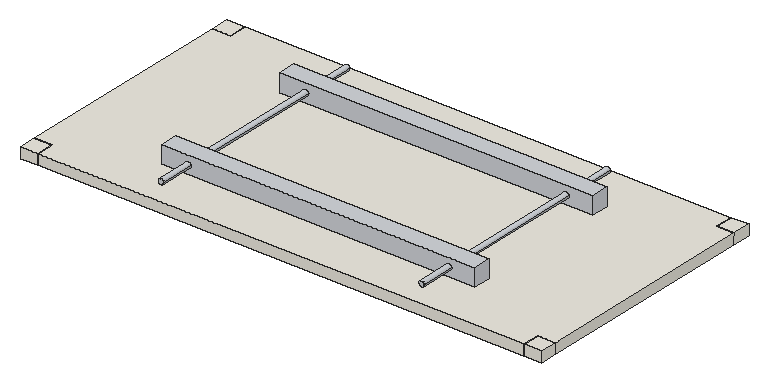
Revit family "LED-PL-CSVT", category Осветительные приборы, Revit 2019
Family settings
  Размер круглого соединителя = Использовать диаметр
  Тип детали = Нормальный
  На основе рабочей плоскости = Нет
  Всегда вертикально = Нет
  При загрузке вырезать с полостями = Нет
  Источник света = Да
  Общий = Нет
  Точка расчета площади = Да
Parameters (values of type "LED PL-CSVT-18 295x595 х10 (KROKUS) (IP54/IP20, 4000K, белый)")
  built-in parameter 1150104 = 13.8 (stored number, unit not read)
  built-in parameter 1150134 = 12
  Файл фотометрической сетки = "Светильник LED-PL-CSVT-18-(295х595).IES"
  Tilt Angle = 90.00°
  built-in parameter 1150137 = (empty or 0)
  built-in parameter 1150132 = 2
  built-in parameter 1150114 = 1 (stored number, unit not read)
  Dimming Lamp Color Temperature Shift = (empty or 0)
  built-in parameter 1150105 = 135.28 (stored number, unit not read)
  Color Filter = 16777215
  Lumens = 1700 lm
  built-in parameter 1150109 = 1 (stored number, unit not read)
  built-in parameter 1150112 = 1 (stored number, unit not read)
  built-in parameter 1150110 = 1 (stored number, unit not read)
  built-in parameter 1150113 = 1 (stored number, unit not read)
  built-in parameter 1150115 = 1 (stored number, unit not read)
  built-in parameter 1114218 = 1 (stored number, unit not read)
  built-in parameter 1114217 = 1 (stored number, unit not read)
  built-in parameter 1150106 = 1.3528 (stored number, unit not read)
  built-in parameter 1150142 = "IESNA:LM-63-95\r\n[TEST] Протокол №86\r\n[DATA] 02.08.2016\r\n[MORE] \r\n[MANUFAC] ЗАО \"Центрстройсвет\"\r\n[LUMCAT]  Светильник LED-PL-CSVT-18-(295х595)\r\n[LUMINAIRE]\r\n[LAMPCAT] Светодиоды\r\n[LAMP] Поток источника света (светодиодов) не известен\r\n[MORE] КСС приведена в абсолютных величинах кд\r\n[MORE] Вместо потока лампы, указан поток светильника.\r\nTILT=NONE\r\n1    1680 1.0 37 73 1 2 0.295 0.595 0.010\r\n1.0 1.0 19.8\r\n0.0 5.0 10.0 15.0 20.0 25.0 30.0 35.0 40.0 45.0 50.0 55.0 60.0 65.0 70.0 75.0 80.0 85.0 90.0 95.0 100.0 105.0 110.0 115.0 120.0 125.0 130.0 135.0 140.0 145.0 150.0 155.0 160.0 165.0 170.0 175.0 180.0\r\n0.0 5.0 10.0 15.0 20.0 25.0 30.0 35.0 40.0 45.0 50.0 55.0 60.0 65.0 70.0 75.0 80.0 85.0 90.0 95.0 100.0 105.0 110.0 115.0 120.0 125.0 130.0 135.0 140.0 145.0 150.0 155.0 160.0 165.0 170.0 175.0 180.0 185.0 190.0 195.0 200.0 205.0 210.0 215.0 220.0 225.0 230.0 235.0 240.0 245.0 250.0 255.0 260.0 265.0 270.0 275.0 280.0 285.0 290.0 295.0 300.0 305.0 310.0 315.0 320.0 325.0 330.0 335.0 340.0 345.0 350.0 355.0 360.0\r\n598.8 594.8 584.5 569.0 548.6 523.0 492.1 458.6 424.1 383.3 341.3 298.3 252.3 205.5 159.3 113.1 70.5 33.1 4.6 0.0 0.0 0.0 0.0 0.0 0.0 0.0 0.0 0.0 0.0 0.0 0.0 0.0 0.0 0.0 0.0 0.0 0.0\r\n598.8 595.2 585.3 570.2 548.3 522.0 493.5 460.0 422.7 383.1 340.5 297.3 252.1 205.3 159.2 113.7 70.7 33.1 4.6 0.0 0.0 0.0 0.0 0.0 0.0 0.0 0.0 0.0 0.0 0.0 0.0 0.0 0.0 0.0 0.0 0.0 0.0\r\n598.8 595.5 584.8 569.2 548.6 523.2 493.6 459.3 423.0 382.6 341.8 298.9 252.3 205.8 159.3 113.8 71.0 33.3 4.5 0.0 0.0 0.0 0.0 0.0 0.0 0.0 0.0 0.0 0.0 0.0 0.0 0.0 0.0 0.0 0.0 0.0 0.0\r\n598.8 595.6 584.7 568.8 548.2 523.1 493.1 461.1 423.7 384.9 341.8 298.9 252.5 205.6 159.0 113.5 71.0 32.9 4.4 0.0 0.0 0.0 0.0 0.0 0.0 0.0 0.0 0.0 0.0 0.0 0.0 0.0 0.0 0.0 0.0 0.0 0.0\r\n598.8 595.4 584.7 569.0 547.9 522.2 493.8 461.5 424.3 385.5 342.4 298.9 252.8 205.9 158.7 113.0 70.5 32.7 4.1 0.0 0.0 0.0 0.0 0.0 0.0 0.0 0.0 0.0 0.0 0.0 0.0 0.0 0.0 0.0 0.0 0.0 0.0\r\n598.8 595.2 584.5 568.6 549.0 523.6 495.8 460.9 424.8 384.8 342.5 297.6 252.5 205.0 158.6 113.3 70.2 32.4 3.9 0.0 0.0 0.0 0.0 0.0 0.0 0.0 0.0 0.0 0.0 0.0 0.0 0.0 0.0 0.0 0.0 0.0 0.0\r\n598.8 595.0 585.1 569.9 548.6 526.0 494.9 460.6 423.7 385.8 343.0 298.0 251.9 205.2 158.1 113.1 70.2 32.1 3.9 0.0 0.0 0.0 0.0 0.0 0.0 0.0 0.0 0.0 0.0 0.0 0.0 0.0 0.0 0.0 0.0 0.0 0.0\r\n598.8 595.0 584.7 571.5 550.3 524.1 494.6 460.8 423.4 384.6 342.7 298.0 252.0 204.7 158.1 112.5 70.0 31.9 3.7 0.0 0.0 0.0 0.0 0.0 0.0 0.0 0.0 0.0 0.0 0.0 0.0 0.0 0.0 0.0 0.0 0.0 0.0\r\n598.8 594.9 584.7 569.9 550.4 525.0 494.7 460.9 425.3 385.8 342.2 297.9 251.7 204.8 158.3 112.5 69.7 31.8 3.5 0.0 0.0 0.0 0.0 0.0 0.0 0.0 0.0 0.0 0.0 0.0 0.0 0.0 0.0 0.0 0.0 0.0 0.0\r\n598.8 594.9 584.7 569.7 550.4 524.8 494.7 460.9 425.3 384.1 343.5 297.1 251.5 204.4 157.6 112.6 70.0 31.2 3.3 0.0 0.0 0.0 0.0 0.0 0.0 0.0 0.0 0.0 0.0 0.0 0.0 0.0 0.0 0.0 0.0 0.0 0.0\r\n598.8 594.9 585.4 570.9 550.9 525.2 495.9 461.4 423.6 385.1 342.8 297.8 251.4 204.2 157.9 112.1 69.6 31.2 3.0 0.0 0.0 0.0 0.0 0.0 0.0 0.0 0.0 0.0 0.0 0.0 0.0 0.0 0.0 0.0 0.0 0.0 0.0\r\n598.8 595.0 585.5 571.2 551.5 524.9 494.7 461.2 424.8 384.2 342.4 297.7 251.7 204.1 157.1 112.5 69.6 30.9 2.9 0.0 0.0 0.0 0.0 0.0 0.0 0.0 0.0 0.0 0.0 0.0 0.0 0.0 0.0 0.0 0.0 0.0 0.0\r\n598.8 594.9 585.2 571.3 550.4 525.5 497.2 462.9 426.0 385.0 342.2 296.8 252.2 205.5 157.2 111.9 69.7 30.7 2.8 0.0 0.0 0.0 0.0 0.0 0.0 0.0 0.0 0.0 0.0 0.0 0.0 0.0 0.0 0.0 0.0 0.0 0.0\r\n598.8 594.9 585.2 571.8 551.1 525.0 496.2 462.5 424.8 386.6 343.1 298.4 251.6 205.2 157.6 111.8 69.7 30.3 2.7 0.0 0.0 0.0 0.0 0.0 0.0 0.0 0.0 0.0 0.0 0.0 0.0 0.0 0.0 0.0 0.0 0.0 0.0\r\n598.8 595.2 585.8 572.4 551.2 527.1 496.5 462.5 425.3 385.1 342.8 298.0 252.3 204.8 157.7 111.7 69.5 30.0 2.7 0.0 0.0 0.0 0.0 0.0 0.0 0.0 0.0 0.0 0.0 0.0 0.0 0.0 0.0 0.0 0.0 0.0 0.0\r\n598.8 595.6 587.0 572.4 551.5 525.2 496.2 463.1 426.4 385.3 342.9 297.7 251.8 205.1 157.7 111.8 69.2 30.0 2.3 0.0 0.0 0.0 0.0 0.0 0.0 0.0 0.0 0.0 0.0 0.0 0.0 0.0 0.0 0.0 0.0 0.0 0.0\r\n598.8 595.8 587.6 573.6 551.1 526.4 496.9 462.5 425.3 386.9 343.8 298.1 251.4 205.5 157.5 111.9 68.9 29.9 1.8 0.0 0.0 0.0 0.0 0.0 0.0 0.0 0.0 0.0 0.0 0.0 0.0 0.0 0.0 0.0 0.0 0.0 0.0\r\n598.8 596.0 587.2 573.2 552.0 526.6 496.8 463.3 425.6 386.0 343.7 298.4 251.6 205.1 157.0 111.4 68.9 29.6 1.7 0.0 0.0 0.0 0.0 0.0 0.0 0.0 0.0 0.0 0.0 0.0 0.0 0.0 0.0 0.0 0.0 0.0 0.0\r\n598.8 596.1 587.5 572.5 552.9 527.1 497.6 464.5 426.8 385.4 344.8 298.9 252.3 206.0 157.1 111.0 68.8 29.2 1.7 0.0 0.0 0.0 0.0 0.0 0.0 0.0 0.0 0.0 0.0 0.0 0.0 0.0 0.0 0.0 0.0 0.0 0.0\r\n598.8 596.3 587.8 572.7 552.3 528.3 496.9 464.4 427.2 385.9 344.4 298.2 251.7 204.9 156.6 111.0 68.1 28.9 1.2 0.0 0.0 0.0 0.0 0.0 0.0 0.0 0.0 0.0 0.0 0.0 0.0 0.0 0.0 0.0 0.0 0.0 0.0\r\n598.8 596.4 589.0 573.0 553.9 527.4 497.4 463.9 425.4 386.5 344.2 298.1 251.7 204.4 156.3 110.6 67.7 28.3 1.2 0.0 0.0 0.0 0.0 0.0 0.0 0.0 0.0 0.0 0.0 0.0 0.0 0.0 0.0 0.0 0.0 0.0 0.0\r\n598.8 596.4 589.4 572.9 552.6 527.7 498.1 464.4 427.5 387.5 343.1 297.8 251.6 204.6 156.2 109.9 67.1 27.6 1.4 0.0 0.0 0.0 0.0 0.0 0.0 0.0 0.0 0.0 0.0 0.0 0.0 0.0 0.0 0.0 0.0 0.0 0.0\r\n598.8 596.6 589.1 573.6 553.5 528.2 499.1 463.7 427.4 387.7 344.1 298.2 251.7 204.1 155.7 109.4 66.7 27.2 1.2 0.0 0.0 0.0 0.0 0.0 0.0 0.0 0.0 0.0 0.0 0.0 0.0 0.0 0.0 0.0 0.0 0.0 0.0\r\n598.8 596.8 589.8 574.5 554.4 529.0 498.3 466.1 428.9 388.7 345.0 299.7 252.1 204.0 155.4 109.4 66.1 26.8 1.0 0.0 0.0 0.0 0.0 0.0 0.0 0.0 0.0 0.0 0.0 0.0 0.0 0.0 0.0 0.0 0.0 0.0 0.0\r\n598.8 597.3 590.2 574.2 553.1 530.5 500.5 466.1 426.7 387.9 344.5 299.0 251.1 203.8 155.6 108.5 65.4 26.2 1.0 0.0 0.0 0.0 0.0 0.0 0.0 0.0 0.0 0.0 0.0 0.0 0.0 0.0 0.0 0.0 0.0 0.0 0.0\r\n598.8 597.7 590.8 576.5 554.7 529.6 500.8 466.6 428.7 387.7 346.2 298.8 251.4 203.4 154.5 108.2 65.2 26.0 0.9 0.0 0.0 0.0 0.0 0.0 0.0 0.0 0.0 0.0 0.0 0.0 0.0 0.0 0.0 0.0 0.0 0.0 0.0\r\n598.8 598.1 591.8 576.6 555.8 530.8 500.5 468.0 430.6 388.6 345.1 298.6 251.7 203.3 154.6 108.0 64.5 25.9 0.6 0.0 0.0 0.0 0.0 0.0 0.0 0.0 0.0 0.0 0.0 0.0 0.0 0.0 0.0 0.0 0.0 0.0 0.0\r\n598.8 598.3 592.5 576.5 556.1 531.3 500.9 466.7 430.1 390.1 344.8 299.4 251.4 203.3 154.6 108.3 63.8 25.5 0.6 0.0 0.0 0.0 0.0 0.0 0.0 0.0 0.0 0.0 0.0 0.0 0.0 0.0 0.0 0.0 0.0 0.0 0.0\r\n598.8 598.5 593.2 578.2 556.5 532.1 502.8 468.0 431.5 389.3 345.6 299.8 251.5 203.9 154.7 107.7 63.4 25.2 0.8 0.0 0.0 0.0 0.0 0.0 0.0 0.0 0.0 0.0 0.0 0.0 0.0 0.0 0.0 0.0 0.0 0.0 0.0\r\n598.8 598.7 593.3 577.9 558.2 532.3 502.2 468.8 431.5 389.9 345.3 300.2 251.6 203.7 154.2 107.4 63.7 25.0 0.9 0.0 0.0 0.0 0.0 0.0 0.0 0.0 0.0 0.0 0.0 0.0 0.0 0.0 0.0 0.0 0.0 0.0 0.0\r\n598.8 599.1 593.3 577.9 557.7 533.9 503.7 469.2 430.5 391.0 346.7 299.7 252.6 203.3 154.3 107.0 63.3 24.8 0.9 0.0 0.0 0.0 0.0 0.0 0.0 0.0 0.0 0.0 0.0 0.0 0.0 0.0 0.0 0.0 0.0 0.0 0.0\r\n598.8 599.4 593.5 578.3 559.3 533.1 503.4 469.8 432.7 391.5 347.8 300.5 252.1 203.4 154.7 107.4 63.1 24.9 0.8 0.0 0.0 0.0 0.0 0.0 0.0 0.0 0.0 0.0 0.0 0.0 0.0 0.0 0.0 0.0 0.0 0.0 0.0\r\n598.8 599.5 593.5 579.9 560.4 535.5 504.9 471.6 433.3 392.1 347.4 301.6 253.2 202.9 154.7 107.6 63.2 24.7 0.9 0.0 0.0 0.0 0.0 0.0 0.0 0.0 0.0 0.0 0.0 0.0 0.0 0.0 0.0 0.0 0.0 0.0 0.0\r\n598.8 599.5 593.3 580.8 561.3 535.7 506.6 471.4 436.0 394.2 348.8 301.9 254.1 204.3 154.8 107.5 63.1 24.9 0.8 0.0 0.0 0.0 0.0 0.0 0.0 0.0 0.0 0.0 0.0 0.0 0.0 0.0 0.0 0.0 0.0 0.0 0.0\r\n598.8 599.3 593.1 579.9 561.2 536.6 506.3 472.9 434.7 393.6 349.4 302.4 254.9 205.1 156.2 107.8 63.3 25.1 0.9 0.0 0.0 0.0 0.0 0.0 0.0 0.0 0.0 0.0 0.0 0.0 0.0 0.0 0.0 0.0 0.0 0.0 0.0\r\n598.8 599.3 594.3 580.9 560.8 536.6 507.4 474.4 436.0 394.1 349.7 302.4 254.8 205.8 155.9 107.9 63.1 24.9 1.1 0.0 0.0 0.0 0.0 0.0 0.0 0.0 0.0 0.0 0.0 0.0 0.0 0.0 0.0 0.0 0.0 0.0 0.0\r\n598.8 599.3 594.5 581.4 561.4 537.0 508.0 473.3 436.5 393.5 350.2 304.2 255.0 205.9 156.3 107.8 63.1 24.8 1.1 0.0 0.0 0.0 0.0 0.0 0.0 0.0 0.0 0.0 0.0 0.0 0.0 0.0 0.0 0.0 0.0 0.0 0.0\r\n598.8 599.1 593.9 580.8 562.4 537.3 508.6 473.7 436.2 395.9 349.8 303.5 254.7 205.7 156.3 107.9 63.2 24.7 1.1 0.0 0.0 0.0 0.0 0.0 0.0 0.0 0.0 0.0 0.0 0.0 0.0 0.0 0.0 0.0 0.0 0.0 0.0\r\n598.8 598.7 593.3 582.0 561.8 538.1 508.6 474.9 436.7 395.6 349.5 303.1 254.9 204.6 155.9 107.7 62.9 24.5 1.3 0.0 0.0 0.0 0.0 0.0 0.0 0.0 0.0 0.0 0.0 0.0 0.0 0.0 0.0 0.0 0.0 0.0 0.0\r\n598.8 598.4 593.3 580.3 562.2 538.7 507.4 472.9 435.1 393.7 349.8 303.3 254.5 205.3 155.8 108.1 63.2 24.9 1.3 0.0 0.0 0.0 0.0 0.0 0.0 0.0 0.0 0.0 0.0 0.0 0.0 0.0 0.0 0.0 0.0 0.0 0.0\r\n598.8 598.4 593.6 581.4 561.5 537.4 508.6 474.8 434.5 394.8 349.7 303.5 255.0 205.5 156.3 108.4 63.6 25.2 1.3 0.0 0.0 0.0 0.0 0.0 0.0 0.0 0.0 0.0 0.0 0.0 0.0 0.0 0.0 0.0 0.0 0.0 0.0\r\n598.8 598.6 593.0 581.3 561.7 536.4 506.6 473.5 435.6 394.1 350.3 303.1 254.5 205.3 156.6 109.1 64.2 25.6 1.3 0.0 0.0 0.0 0.0 0.0 0.0 0.0 0.0 0.0 0.0 0.0 0.0 0.0 0.0 0.0 0.0 0.0 0.0\r\n598.8 598.7 592.3 580.0 560.5 536.9 506.6 471.7 434.4 393.4 349.9 303.7 255.6 205.7 156.8 109.4 65.0 25.8 1.4 0.0 0.0 0.0 0.0 0.0 0.0 0.0 0.0 0.0 0.0 0.0 0.0 0.0 0.0 0.0 0.0 0.0 0.0\r\n598.8 598.7 592.5 580.1 560.4 534.7 505.9 472.0 435.8 393.7 350.1 304.1 255.8 206.5 157.3 109.6 65.5 26.5 1.5 0.0 0.0 0.0 0.0 0.0 0.0 0.0 0.0 0.0 0.0 0.0 0.0 0.0 0.0 0.0 0.0 0.0 0.0\r\n598.8 598.6 591.9 579.0 559.6 534.9 505.0 471.8 434.4 394.6 348.9 303.8 255.3 207.0 157.1 110.6 66.4 26.9 1.6 0.0 0.0 0.0 0.0 0.0 0.0 0.0 0.0 0.0 0.0 0.0 0.0 0.0 0.0 0.0 0.0 0.0 0.0\r\n598.8 598.4 591.7 578.5 559.1 535.7 505.7 472.2 434.4 392.6 348.4 304.3 256.0 207.2 158.3 110.6 66.7 27.6 1.6 0.0 0.0 0.0 0.0 0.0 0.0 0.0 0.0 0.0 0.0 0.0 0.0 0.0 0.0 0.0 0.0 0.0 0.0\r\n598.8 598.2 591.6 577.5 558.8 534.0 505.2 471.6 434.4 392.9 351.0 303.8 255.8 208.1 158.6 111.8 67.7 28.0 1.9 0.0 0.0 0.0 0.0 0.0 0.0 0.0 0.0 0.0 0.0 0.0 0.0 0.0 0.0 0.0 0.0 0.0 0.0\r\n598.8 598.0 591.2 577.8 558.4 533.1 503.8 471.9 434.2 393.7 350.1 304.1 256.2 207.7 159.6 112.1 68.2 28.7 2.0 0.0 0.0 0.0 0.0 0.0 0.0 0.0 0.0 0.0 0.0 0.0 0.0 0.0 0.0 0.0 0.0 0.0 0.0\r\n598.8 597.9 591.4 576.9 558.8 533.9 505.0 470.3 434.3 393.3 349.7 304.5 257.3 208.7 159.8 112.6 69.1 29.3 2.1 0.0 0.0 0.0 0.0 0.0 0.0 0.0 0.0 0.0 0.0 0.0 0.0 0.0 0.0 0.0 0.0 0.0 0.0\r\n598.8 597.9 591.0 576.1 558.0 532.9 503.5 471.0 433.5 393.1 349.7 305.1 257.1 209.4 160.3 113.5 70.3 29.5 2.5 0.0 0.0 0.0 0.0 0.0 0.0 0.0 0.0 0.0 0.0 0.0 0.0 0.0 0.0 0.0 0.0 0.0 0.0\r\n598.8 597.7 590.6 575.8 556.3 532.6 503.2 470.1 433.6 392.2 350.2 303.7 256.4 208.8 160.5 113.7 70.8 30.5 2.7 0.0 0.0 0.0 0.0 0.0 0.0 0.0 0.0 0.0 0.0 0.0 0.0 0.0 0.0 0.0 0.0 0.0 0.0\r\n598.8 597.6 590.6 576.2 557.1 531.6 502.2 469.0 432.6 393.0 350.8 304.9 257.5 210.3 162.0 113.9 71.5 31.3 2.8 0.0 0.0 0.0 0.0 0.0 0.0 0.0 0.0 0.0 0.0 0.0 0.0 0.0 0.0 0.0 0.0 0.0 0.0\r\n598.8 597.3 590.2 576.7 555.9 531.1 503.3 469.2 432.2 393.5 349.4 304.2 257.2 210.2 162.2 114.3 72.0 31.8 3.0 0.0 0.0 0.0 0.0 0.0 0.0 0.0 0.0 0.0 0.0 0.0 0.0 0.0 0.0 0.0 0.0 0.0 0.0\r\n598.8 597.1 589.5 575.8 556.4 531.5 500.9 469.3 432.9 391.3 349.1 303.6 256.7 210.4 162.3 115.4 72.6 32.0 3.3 0.0 0.0 0.0 0.0 0.0 0.0 0.0 0.0 0.0 0.0 0.0 0.0 0.0 0.0 0.0 0.0 0.0 0.0\r\n598.8 597.1 589.6 575.3 556.3 530.6 502.8 468.8 431.1 390.8 348.9 305.3 257.7 210.2 163.2 115.3 73.3 32.5 3.5 0.0 0.0 0.0 0.0 0.0 0.0 0.0 0.0 0.0 0.0 0.0 0.0 0.0 0.0 0.0 0.0 0.0 0.0\r\n598.8 597.1 589.4 575.7 555.0 529.9 500.9 468.6 433.6 391.2 348.1 304.9 256.6 210.0 162.4 115.7 73.2 33.1 3.5 0.0 0.0 0.0 0.0 0.0 0.0 0.0 0.0 0.0 0.0 0.0 0.0 0.0 0.0 0.0 0.0 0.0 0.0\r\n598.8 596.9 589.1 575.3 555.0 529.0 501.2 467.9 430.7 390.5 348.6 304.5 256.7 209.9 163.2 115.7 73.5 33.2 3.6 0.0 0.0 0.0 0.0 0.0 0.0 0.0 0.0 0.0 0.0 0.0 0.0 0.0 0.0 0.0 0.0 0.0 0.0\r\n598.8 596.6 588.9 574.0 554.1 529.3 499.8 467.3 430.1 390.3 347.4 303.1 256.7 210.3 162.2 116.1 73.3 33.3 3.8 0.0 0.0 0.0 0.0 0.0 0.0 0.0 0.0 0.0 0.0 0.0 0.0 0.0 0.0 0.0 0.0 0.0 0.0\r\n598.8 596.6 588.7 574.2 554.6 530.6 500.4 466.1 429.8 390.5 347.4 302.8 256.6 210.7 162.5 115.7 73.4 33.4 3.9 0.0 0.0 0.0 0.0 0.0 0.0 0.0 0.0 0.0 0.0 0.0 0.0 0.0 0.0 0.0 0.0 0.0 0.0\r\n598.8 596.8 588.4 574.2 553.9 528.3 499.5 466.8 429.5 389.1 347.0 303.4 256.2 209.1 162.4 115.4 73.3 33.6 4.0 0.0 0.0 0.0 0.0 0.0 0.0 0.0 0.0 0.0 0.0 0.0 0.0 0.0 0.0 0.0 0.0 0.0 0.0\r\n598.8 596.7 588.0 573.3 553.0 528.7 499.8 465.0 428.2 388.6 347.2 302.0 255.2 208.9 161.7 115.9 73.3 33.3 4.2 0.0 0.0 0.0 0.0 0.0 0.0 0.0 0.0 0.0 0.0 0.0 0.0 0.0 0.0 0.0 0.0 0.0 0.0\r\n598.8 596.0 587.3 574.5 553.4 528.2 497.3 465.1 427.8 390.0 346.3 302.0 256.1 208.5 161.1 115.8 73.0 33.4 4.3 0.0 0.0 0.0 0.0 0.0 0.0 0.0 0.0 0.0 0.0 0.0 0.0 0.0 0.0 0.0 0.0 0.0 0.0\r\n598.8 595.3 587.1 572.7 553.4 528.2 497.9 464.6 427.6 387.0 347.2 301.3 255.1 208.1 161.0 115.5 73.0 33.2 4.2 0.0 0.0 0.0 0.0 0.0 0.0 0.0 0.0 0.0 0.0 0.0 0.0 0.0 0.0 0.0 0.0 0.0 0.0\r\n598.8 595.0 586.9 571.7 551.3 527.6 497.5 465.1 428.0 387.2 346.6 301.5 254.6 208.9 161.3 115.4 72.7 33.7 4.1 0.0 0.0 0.0 0.0 0.0 0.0 0.0 0.0 0.0 0.0 0.0 0.0 0.0 0.0 0.0 0.0 0.0 0.0\r\n598.8 595.2 586.4 571.8 552.1 525.7 496.7 464.0 426.9 388.1 345.0 299.9 255.2 208.2 161.0 114.9 72.5 33.5 4.3 0.0 0.0 0.0 0.0 0.0 0.0 0.0 0.0 0.0 0.0 0.0 0.0 0.0 0.0 0.0 0.0 0.0 0.0\r\n598.8 595.4 585.8 571.4 551.5 526.4 496.0 463.3 426.6 386.5 344.4 300.0 254.8 207.7 160.3 115.2 72.1 33.3 4.4 0.0 0.0 0.0 0.0 0.0 0.0 0.0 0.0 0.0 0.0 0.0 0.0 0.0 0.0 0.0 0.0 0.0 0.0\r\n598.8 595.4 585.4 571.1 549.9 525.6 497.1 463.4 426.7 387.2 344.9 300.2 254.4 207.5 159.8 114.7 71.9 33.3 4.4 0.0 0.0 0.0 0.0 0.0 0.0 0.0 0.0 0.0 0.0 0.0 0.0 0.0 0.0 0.0 0.0 0.0 0.0\r\n598.8 595.4 585.4 570.3 550.0 523.8 495.5 463.5 426.3 386.3 344.1 300.2 253.8 206.5 160.4 114.4 71.4 33.1 4.5 0.0 0.0 0.0 0.0 0.0 0.0 0.0 0.0 0.0 0.0 0.0 0.0 0.0 0.0 0.0 0.0 0.0 0.0\r\n598.8 595.5 585.5 569.7 548.7 524.6 493.8 462.4 425.9 385.5 343.1 299.7 252.6 207.0 159.8 114.3 71.0 33.1 4.5 0.0 0.0 0.0 0.0 0.0 0.0 0.0 0.0 0.0 0.0 0.0 0.0 0.0 0.0 0.0 0.0 0.0 0.0\r\n598.8 595.5 585.1 569.8 548.3 523.0 492.6 459.1 423.8 384.1 343.0 298.7 252.7 206.7 159.6 113.7 71.0 32.9 4.5 0.0 0.0 0.0 0.0 0.0 0.0 0.0 0.0 0.0 0.0 0.0 0.0 0.0 0.0 0.0 0.0 0.0 0.0\r\n598.8 595.1 585.2 569.3 549.0 523.7 494.0 461.2 423.3 383.0 342.7 297.6 251.4 205.6 158.6 113.5 70.8 32.7 4.4 0.0 0.0 0.0 0.0 0.0 0.0 0.0 0.0 0.0 0.0 0.0 0.0 0.0 0.0 0.0 0.0 0.0 0.0\r\n598.8 594.8 585.2 569.6 548.2 523.5 494.0 458.7 423.3 382.6 340.7 297.1 250.5 205.9 159.0 113.1 70.5 32.9 4.6 0.0 0.0 0.0 0.0 0.0 0.0 0.0 0.0 0.0 0.0 0.0 0.0 0.0 0.0 0.0 0.0 0.0 0.0\r\n598.8 594.8 584.5 569.0 548.6 523.0 492.1 458.6 424.1 383.3 341.3 298.3 252.3 205.5 159.3 113.1 70.5 33.1 4.6 0.0 0.0 0.0 0.0 0.0 0.0 0.0 0.0 0.0 0.0 0.0 0.0 0.0 0.0 0.0 0.0 0.0 0.0\r\n"
  built-in parameter 1150133 = 10 (stored number, unit not read)
  Wattage = 11.4446 W
  built-in parameter 1150139 = (empty or 0)
  built-in parameter 1150138 = (empty or 0)
  built-in parameter 1150107 = 4000 (stored number, unit not read)
  built-in parameter 1150102 = (empty or 0)
  Emit from Rectangle Width = Ширина - 40 mm  # 255 mm
  Emit from Rectangle Length = Длина - 40 mm  # 555 mm
  Длина = 595 mm
  УГО [instance] = yes
  Description = ""
  Материал светильника = RAL 9001
  Материал стекла = RAL светящийся
  Type Comments = ""
  Изготовитель = "ЗАО «Центрстройсвет»"
  Ширина = 295 mm
  Высота = 10 mm
  Видимая форма излучения при визуализации = yes
  URL = "http://csvt.ru/"
  L1 = Ширина / 2  # 147.5 mm
  L = Длина / 2  # 297.5 mm
  ADSK_Ток = ADSK_Номинальная мощность / (ADSK_Коэффициент мощности * ADSK_Напряжение * sqrt(ADSK_Количество фаз числовое))  # 0.0850662 A
  ADSK_Примечание = ""
  ADSK_Полная мощность = ADSK_Номинальная мощность / ADSK_Коэффициент мощности  # 19.5652 VA
  ADSK_Обозначение = "LED PL-CSVT-18 295x595 х10 (KROKUS) (IP54/IP20, 4000K, белый)"
  ADSK_Номинальная мощность = 18 W
  ADSK_Напряжение = 230 V
  ADSK_Наименование = "Ультратонкая светодиодная панель LED PL-CSVT-18 295x595 х10 (KROKUS) (IP54/IP20, 4000K, белый)"
  ADSK_Масса = 1.8
  ADSK_Коэффициент мощности = 0.92
  ADSK_Количество фаз числовое = 1
  ADSK_Количество фаз = 1
  ADSK_Код изделия = "ЦБ000007513"
  ADSK_Классификация нагрузок = Прочее
  ADSK_Завод-изготовитель = "ЗАО «Центрстройсвет»"
  ADSK_Единица измерения = "шт."
Reference planes
  plane 1 "По центру (Вперед/Назад)": y = 0
  plane 2: z = 0
  plane 3 "По центру (Влево/Вправо)": x = 0
  plane 4: x = -297.5
  plane 5: x = 297.5
  plane 6: y = -147.5
  plane 7: y = 147.5
  plane 8: y = -127.5
  plane 9: y = 127.5
  plane 10: x = 277.5
  plane 11: x = -277.5
  plane 12: z = 10
  plane 13: z = -2
  plane 14: z = -3
  plane 15: z = -0.986
  plane 16: x = 272.5
  plane 17: y = -122.5
  plane 18: x = -272.5
  plane 19: y = 122.5
  plane 20: y = 132.5
  plane 21: x = -282.5
  plane 22: y = -132.5
  plane 23: x = 282.5
  plane 24: z = 5
  plane 25: z = 30
  plane 26: x = -148.75
  plane 27: x = 148.75
  plane 28: z = 20
  plane 29: x = -178.75
  plane 30: x = 178.75
  plane 31: y = -73.75
  plane 32: y = 73.75
Forms (mm)
  Extrusion 1, solid, material "RAL 9001" <- "Материал светильника", detail levels medium+fine
    sketch origin (0, 0, 0) x (1, 0, 0) y (0, 1, 0)
      loop
        line (-277.5, 147.5) -> (-277.5, 127.5) -> (-297.5, 127.5) -> (-297.5, -127.5) -> (-277.5, -127.5) -> (-277.5, -147.5) -> (277.5, -147.5) -> (277.5, -127.5) -> (297.5, -127.5) -> (297.5, 127.5) -> (277.5, 127.5) -> (277.5, 147.5) -> (-277.5, 147.5)
    from -2 to 10
  Extrusion 2, void
    sketch origin (0, 0, 0) x (1, 0, 0) y (0, 1, 0)
      loop
        line (-277.5, 127.5) -> (-277.5, -127.5) -> (277.5, -127.5) -> (277.5, 127.5) -> (-277.5, 127.5)
    from -2 to 0
  Extrusion 3, solid, material "RAL 9001" <- "Материал светильника", detail levels medium+fine
    sketch origin (0, 0, 0) x (1, 0, 0) y (0, 1, 0)
      loop
        line (-277.5, 127.5) -> (-267.5, 127.5) -> (-267.5, 137.5) -> (-287.5, 137.5) -> (-287.5, 117.5) -> (-277.5, 117.5) -> (-277.5, 127.5)
      loop
        line (277.5, 127.5) -> (277.5, 117.5) -> (287.5, 117.5) -> (287.5, 137.5) -> (267.5, 137.5) -> (267.5, 127.5) -> (277.5, 127.5)
      loop
        line (-277.5, -127.5) -> (-277.5, -117.5) -> (-287.5, -117.5) -> (-287.5, -137.5) -> (-267.5, -137.5) -> (-267.5, -127.5) -> (-277.5, -127.5)
      loop
        line (277.5, -127.5) -> (267.5, -127.5) -> (267.5, -137.5) -> (287.5, -137.5) -> (287.5, -117.5) -> (277.5, -117.5) -> (277.5, -127.5)
    from -3 to -2
  Extrusion 4, solid, material "RAL светящийся" <- "Материал стекла", detail levels medium+fine
    sketch origin (0, 0, 0) x (1, 0, 0) y (0, 1, 0)
      loop
        line (-277.5, 127.5) -> (-277.5, -127.5) -> (277.5, -127.5) -> (277.5, 127.5) -> (-277.5, 127.5)
    from -0.986 to 5
  Extrusion 5, solid, material "RAL 9001" <- "Материал светильника", detail levels medium+fine
    sketch origin (0, 0, 0) x (1, 0, 0) y (0, 1, 0)
      loop
        line (277.5, 147.5) -> (277.5, 127.5) -> (297.5, 127.5) -> (297.5, 147.5) -> (277.5, 147.5)
      loop
        line (-297.5, 147.5) -> (-297.5, 127.5) -> (-277.5, 127.5) -> (-277.5, 147.5) -> (-297.5, 147.5)
      loop
        line (-297.5, -127.5) -> (-297.5, -147.5) -> (-277.5, -147.5) -> (-277.5, -127.5) -> (-297.5, -127.5)
      loop
        line (277.5, -127.5) -> (277.5, -147.5) -> (297.5, -147.5) -> (297.5, -127.5) -> (277.5, -127.5)
    from -2 to 10
  Extrusion 6, solid, detail levels medium+fine
    sketch origin (0, 0, 0) x (1, 0, 0) y (0, 0, 1)
      loop
        circle (-148.75, 20) r 3
      loop
        circle (148.75, 20) r 3
    from -132.5 to 132.5
  Extrusion 7, solid, detail levels medium+fine
    sketch origin (0, 0, 0) x (0, 1, 0) y (0, 0, 1)
      loop
        line (73.75, 30) -> (73.75, 10) -> (93.75, 10) -> (93.75, 30) -> (73.75, 30)
      loop
        line (-73.75, 30) -> (-93.75, 30) -> (-93.75, 10) -> (-73.75, 10) -> (-73.75, 30)
    from -178.75 to 178.75
Cuts and joins
  Extrusion 2 cuts Extrusion 1
  joined: Extrusion 3, Extrusion 5
  joined: Extrusion 6, Extrusion 7
Dimensions and locks
  equal spacing: plane 4, plane 3 "По центру (Влево/Вправо)", plane 5
  "Длина": plane 4 to plane 5
  equal spacing: plane 7, plane 1 "По центру (Вперед/Назад)", plane 6
  "Ширина": plane 7 to plane 6
  locked: plane 8 to plane 6 at 20
  locked: plane 9 to plane 7 at 20
  locked: plane 4 to plane 11 at 20
  locked: plane 10 to plane 5 at 20
  "Высота": plane 12 to plane 2
  locked: plane 2 to plane 13 at 2
  locked: plane 13 to plane 14 at 1
  locked: plane 15 to plane 13 at 1.014
  locked: plane 9 to plane 20 at 5
  locked: plane 19 to plane 9 at 5
  locked: plane 11 to plane 18 at 5
  locked: plane 21 to plane 11 at 5
  locked: plane 8 to plane 22 at 5
  locked: plane 17 to plane 8 at 5
  locked: plane 16 to plane 10 at 5
  locked: plane 10 to plane 23 at 5
  locked: plane 12 to plane 24 at 5
  plane 25 to plane 12 = 20 mm
  equal spacing: plane 27, plane 3 "По центру (Влево/Вправо)", plane 26
  "L": plane 27 to plane 26
  equal spacing: plane 25, plane 28, plane 12
  locked: plane 27 to plane 30 at 30
  locked: plane 29 to plane 26 at 30
  equal spacing: plane 32, plane 1 "По центру (Вперед/Назад)", plane 31
  "L1": plane 32 to plane 31
  locked: Extrusion 7 sketch curve to plane 32 at 20
  locked: plane 31 to Extrusion 7 sketch curve at 20
  aligned and locked: level to plane 2
  aligned and locked: plane 7 to Extrusion 1 sketch curve
  aligned and locked: plane 4 to Extrusion 1 sketch curve
  aligned and locked: plane 6 to Extrusion 1 sketch curve
  aligned and locked: plane 5 to Extrusion 1 sketch curve
  aligned and locked: plane 12 to Extrusion 1
  aligned and locked: Extrusion 1 to plane 13
  aligned and locked: Extrusion 1 to Extrusion 2
  aligned and locked: level to Extrusion 2
  aligned and locked: Extrusion 3 to plane 14
  aligned and locked: plane 13 to Extrusion 3
  aligned and locked: plane 9 to Extrusion 4 sketch curve
  aligned and locked: plane 8 to Extrusion 4 sketch curve
  aligned and locked: plane 10 to Extrusion 4 sketch curve
  aligned and locked: plane 11 to Extrusion 4 sketch curve
  aligned and locked: Extrusion 4 to plane 15
  aligned and locked: plane 15 to imposter light
  aligned and locked: plane 7 to Extrusion 5 sketch curve
  aligned and locked: plane 4 to Extrusion 5 sketch curve
  aligned and locked: plane 6 to Extrusion 5 sketch curve
  aligned and locked: plane 5 to Extrusion 5 sketch curve
  aligned and locked: plane 12 to Extrusion 5
  aligned and locked: Extrusion 5 sketch curve to plane 9  (x2)
  aligned and locked: Extrusion 5 sketch curve to plane 11  (x2)
  aligned and locked: Extrusion 5 sketch curve to plane 10  (x2)
  aligned and locked: Extrusion 5 sketch curve to plane 8  (x2)
  aligned and locked: plane 11 to Extrusion 1 sketch curve  (x2)
  aligned and locked: plane 8 to Extrusion 1 sketch curve
  aligned and locked: Extrusion 1 sketch curve to plane 8
  aligned and locked: Extrusion 1 sketch curve to plane 10  (x2)
  aligned and locked: Extrusion 1 sketch curve to plane 9
  aligned and locked: plane 9 to Extrusion 1 sketch curve
  aligned and locked: plane 24 to Extrusion 4
  aligned and locked: plane 27 to Extrusion 6 sketch curve
  aligned and locked: plane 28 to Extrusion 6 sketch curve  (x2)
  aligned and locked: plane 26 to Extrusion 6 sketch curve
  aligned and locked: Extrusion 6 to plane 22
  aligned and locked: Extrusion 6 to plane 20
  aligned and locked: Extrusion 7 sketch curve to plane 12
  aligned and locked: plane 25 to Extrusion 7 sketch curve
  aligned and locked: plane 32 to Extrusion 7 sketch curve
  aligned and locked: Extrusion 7 sketch curve to plane 31
  aligned and locked: Extrusion 7 sketch curve to plane 25
  aligned and locked: plane 12 to Extrusion 7 sketch curve
  aligned and locked: Extrusion 7 to plane 29
  aligned and locked: Extrusion 7 to plane 30
Automatic sketch dimensions
  Extrusion 3 sketch curve to plane 11 = 0 mm  (x2)
  Extrusion 3 sketch curve to plane 8 = 0 mm  (x2)
  plane 9 to Extrusion 3 sketch curve = 0 mm  (x2)
  Extrusion 3 sketch curve to plane 10 = 0 mm  (x2)
  plane 4 to Extrusion 3 sketch curve = 10 mm  (x2)
  plane 11 to Extrusion 3 sketch curve = 10 mm  (x2)
  plane 10 to Extrusion 3 sketch curve = 10 mm  (x2)
  plane 5 to Extrusion 3 sketch curve = 10 mm
  Extrusion 3 sketch curve to Extrusion 3 sketch curve = 10 mm  (x5)
  plane 6 to Extrusion 3 sketch curve = 10 mm  (x2)
  plane 8 to Extrusion 3 sketch curve = 10 mm
  plane 9 to Extrusion 3 sketch curve = 10 mm
  Extrusion 5 sketch curve to plane 4 = 0 mm  (x2)
  Extrusion 5 sketch curve to plane 5 = 0 mm
  Extrusion 5 sketch curve to plane 6 = 0 mm
  plane 7 to Extrusion 5 sketch curve = 0 mm
  Extrusion 2 sketch curve to plane 8 = 0 mm
  Extrusion 2 sketch curve to plane 11 = 0 mm
  Extrusion 2 sketch curve to plane 10 = 0 mm
  plane 9 to Extrusion 2 sketch curve = 0 mm
  radius of Extrusion 6 sketch curve = 3 mm  (x2)
Nested families
  nested 1: "УГО светильник светодиодный" at (0, 0, 0), type "УГО светильник прямоугольный"
Connectors
  electrical at (0, 0, 10), driven by "ADSK_Количество фаз", driven by "ADSK_Классификация нагрузок", driven by "ADSK_Напряжение", driven by "ADSK_Полная мощность", driven by "ADSK_Коэффициент мощности"
    settings: on cut or joined group of Extrusion 1, Extrusion 2, index 1, voltage 230 V, apparent load 0 VA, apparent load phase1 19.5652 VA, apparent load phase2 0 VA, apparent load phase3 0 VA, power factor 0.92, load classification "Прочее", number of poles 1, system type 31, power factor state 1, is connector primary yes, connector utility no, sub classification motor no, connector description ""
Definition of nested family "УГО светильник светодиодный"
  Parameters
    Длина = 1000 mm
    Ширина = 500 mm
  Reference planes
    plane 1 "По центру (Вперед/Назад)": y = 0
    plane 2: z = 0
    plane 3 "По центру (Влево/Вправо)": x = 0
    plane 4: x = -500
    plane 5: y = 250
    plane 6: x = 500
    plane 7: y = -250
    plane 8: x = -333.333
    plane 9: x = -166.667
    plane 10: x = 333.333
    plane 11: x = 166.667
  Lines and regions (mm)
    model lines, detail levels coarse
      curve 1: line (-500, 250, 0) -> (500, 250, 0)
      curve 2: line (-500, -250, 0) -> (-500, 250, 0)
      curve 3: line (500, -250, 0) -> (-500, -250, 0)
      curve 4: line (500, 250, 0) -> (500, -250, 0)
      curve 5: line (333.333, -250, 0) -> (333.333, 250, 0)
      curve 6: line (-333.333, -250, 0) -> (-333.333, 250, 0)
  Dimensions and locks
    equal spacing: plane 7, plane 1 "По центру (Вперед/Назад)", plane 5
    "Ширина": plane 7 to plane 5
    equal spacing: plane 4, plane 3 "По центру (Влево/Вправо)", plane 6
    "Длина": plane 4 to plane 6
    equal spacing: plane 4, plane 9, plane 11, plane 6
    equal spacing: plane 4, plane 8, plane 9
    equal spacing: plane 11, plane 10, plane 6
    aligned and locked: level to plane 2
    aligned and locked: curve 1 to plane 5
    aligned and locked: plane 4 to curve 2
    aligned and locked: curve 3 to plane 7
    aligned and locked: plane 6 to curve 4
    aligned and locked: curve 5 to plane 10
    aligned and locked: plane 8 to curve 6
